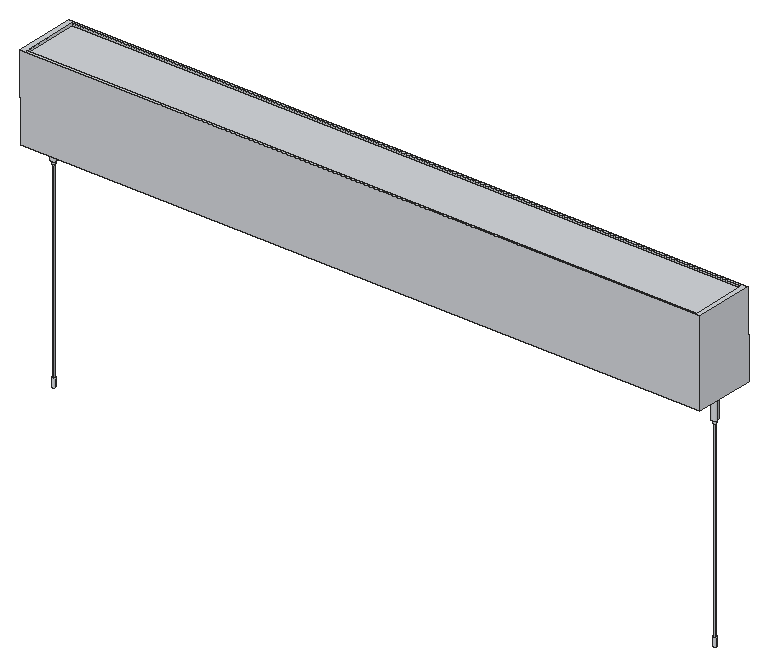
Revit family "3L-P-D", category Lighting Fixtures, host Face, Revit 2021
Family settings
  Host = Face
  Round Connector Dimension = Use Diameter
  Part Type = Normal
  OmniClass Number = 23.80.70.11.14.17
  OmniClass Title = Direct/Indirect
  Cut with Voids When Loaded = No
  Light Source = Yes
  Shared = No
  Room Calculation Point = No
Parameters (values of type "3L-P-D-4-SOF-X-CX-35K-D030")
  Watts = 2.9 W
  Wattage Comments = "Variable Intensity technology provides specifiable lumen output/wattage"  # constant formula
  Wattage = 2.9 W
  built-in parameter 1150110 = 1 (stored number, unit not read)
  Voltage = 120 V
  URL = "https://www.currentlighting.com/litecontrol"
  built-in parameter 1114217 = 1 (stored number, unit not read)
  Tilt Angle = -90.00°
  built-in parameter 1150109 = 1 (stored number, unit not read)
  built-in parameter 1150134 = (empty or 0)
  built-in parameter 1150113 = 1 (stored number, unit not read)
  Reflector Finish = White Glass
  Product Page URL = ""
  Product Material = Textured Camera Black
  Product Documentation Link = ""
  Power Factor = 1
  Photometric Web File = "3L-P-D-4-SOF-X-CX-35K-D030.IES"
  Pendent Height = 12"
  Model = "3L-P-D"  # constant formula
  Manufacturer = "Litecontrol"  # constant formula
  built-in parameter 1150105 = 23.539 (stored number, unit not read)
  Lumens = 295.8 lm
  built-in parameter 1150115 = 1 (stored number, unit not read)
  Load Classification = Lighting
  built-in parameter 1150137 = (empty or 0)
  built-in parameter 1150139 = (empty or 0)
  Length = 36"
  built-in parameter 1150112 = 1 (stored number, unit not read)
  built-in parameter 1150114 = 1 (stored number, unit not read)
  Lamp = "LED"  # constant formula
  built-in parameter 1150132 = (empty or 0)
  built-in parameter 1150102 = (empty or 0)
  built-in parameter 1150107 = 3500 (stored number, unit not read)
  built-in parameter 1150138 = (empty or 0)
  built-in parameter 1150106 = 0.23539 (stored number, unit not read)
  Finish Option = 3L-P : Matte White
  Emit from Rectangle Width = 3"  # constant formula
  Emit from Rectangle Length = Length - 1"  # 35"
  Emit Shape Visible in Rendering = no
  built-in parameter 1150104 = 9.4761 (stored number, unit not read)
  Downlight diffuser = "Soft Diffuse Lens"  # constant formula
  Fixture distribution = "Direct"  # constant formula
  Dimming Lamp Color Temperature Shift = <None>
  Description = "MOD 3 LED Pendant Direct"  # constant formula
  Default Elevation = 48"
  Connector Description = "Lighting Connector"  # constant formula
  Color Filter = 16777215
  built-in parameter 1114218 = 1 (stored number, unit not read)
  built-in parameter 1150133 = 10 (stored number, unit not read)
  Apparent Load = Watts / Power Factor  # 2.9 VA
Types (6): name | Watts | Wattage | Product Material | Photometric Web File | built-in parameter 1150105 | Lumens | built-in parameter 1150106 | Finish Option | built-in parameter 1150104 | Apparent Load
  (no name) | 2.9 W | 2.9 W | Textured Camera Black | "3L-P-D-4-SOF-X-CX-35K-D030.IES" | 23.539 (stored number, unit not read) | 295.8 lm | 0.23539 (stored number, unit not read) | 3L-P : Matte White | 9.4761 (stored number, unit not read) | 2.9 VA
  3L-P-D-4-SOF-X-CX-35K-D120 | 12 W | 12 W | Paint -Textured Camera Black | "3L-P-D-4-SOF-X-CX-35K-D120.IES" | 90.718 (stored number, unit not read) | 1140 lm | 0.90718 (stored number, unit not read) | 3L-P : Light Silver | 8.8258 (stored number, unit not read) | 12 VA
  3L-P-D-4-SOF-X-CX-35K-D100 | 10.3 W | 10.3 W | Paint -Textured Camera Black | "3L-P-D-4-SOF-X-CX-35K-D100.IES" | 79.506 (stored number, unit not read) | 999.1 lm | 0.79506 (stored number, unit not read) | 3L-P : Light Silver | 9.0116 (stored number, unit not read) | 10.3 VA
  3L-P-D-4-SOF-X-CX-35K-D090 | 9.2 W | 9.2 W | Paint -Textured Camera Black | "3L-P-D-4-SOF-X-CX-35K-D090.IES" | 71.747 (stored number, unit not read) | 901.6 lm | 0.71747 (stored number, unit not read) | 3L-P : Light Silver | 9.1045 (stored number, unit not read) | 9.2 VA
  3L-P-D-4-SOF-X-CX-35K-D030 | 2.9 W | 2.9 W | Textured Camera Black | "3L-P-D-4-SOF-X-CX-35K-D030.IES" | 23.539 (stored number, unit not read) | 295.8 lm | 0.23539 (stored number, unit not read) | 3L-P : Matte White | 9.4761 (stored number, unit not read) | 2.9 VA
  3L-P-D-4-SOF-X-CX-35K-D060 | 5.9 W | 5.9 W | Paint -Textured Camera Black | "3L-P-D-4-SOF-X-CX-35K-D060.IES" | 47.42 (stored number, unit not read) | 595.9 lm | 0.4742 (stored number, unit not read) | 3L-P : Light Silver | 9.3832 (stored number, unit not read) | 5.9 VA
Reference planes (in)
  plane 1 "Center (Front/Back)": y = 0
  plane 2: z = 0
  plane 3 "Center (Left/Right)": x = 0
  plane 4: z = 12
  plane 5: z = 15.5
Forms (in)
  Extrusion 1, void
    sketch origin (0, 0, 0) x (1, 0, 0) y (0, 1, 0)
      loop
        circle (0, 0) r 3.125
    from -1.25 to 0
Dimensions and locks (in)
  "Pendent Height": plane 4 to plane 2
  locked: plane 5 to plane 4 at 3.5
  radius of Extrusion 1 sketch curve = 3 1/8"
  aligned and locked: plane 2 to host face
  aligned and locked: level to host face
  aligned and locked: level to Extrusion 1
  aligned and locked: plane 1 "Center (Front/Back)" to nested 1
  aligned and locked: plane 3 "Center (Left/Right)" to nested 1
  aligned and locked: plane 3 "Center (Left/Right)" to imposter light
  aligned and locked: plane 5 to imposter light
Automatic sketch dimensions
  host sketch curve to host sketch curve = 96"  (x2)
  plane 1 "Center (Front/Back)" to Extrusion 1 sketch curve = 0"
  Extrusion 1 sketch curve to plane 3 "Center (Left/Right)" = 0"
Nested families (in)
  nested 1: "3L-P" at (0, 0, 0), type <- "Finish Option", Pendent Height <- "Pendent Height", Length <- "Length", type "Matte White"
    with Pendent Height 12", Length 36"
Connectors (in)
  electrical at (0, 0, 12), driven by "Connector Description", driven by "Apparent Load", driven by "Voltage", driven by "Load Classification", driven by "Power Factor"
    settings: on nested 1, index 1, voltage 120 V, apparent load 2.9 VA, apparent load phase1 0 VA, apparent load phase2 0 VA, apparent load phase3 0 VA, power factor 1, load classification "Lighting", number of poles 1, system type 30, power factor state 1, is connector primary yes, connector utility no, sub classification motor no, connector description "Lighting Connector"
Definition of nested family "3L-P"
  Parameters
    Width = 3.18"  # constant formula
    Wattage Comments = ""
    URL = ""
    Reflector Finish = none
    Pendent Height [instance] = 12"
    Pendant Material = none
    Model = ""
    Manufacturer = ""
    Load Classification = none
    Length [instance] = 48"
    Lamp = ""
    Height = 4 1/2"  # constant formula
    Description = ""
    Default Elevation = 48"
    Apparent Load = 0 VA  # constant formula
  Reference planes (in)
    plane 1 "Center (Front/Back)": y = 0
    plane 2: z = 0
    plane 3 "Center (Left/Right)": x = 0
    plane 4: x = -24
    plane 5: x = 24
    plane 6: x = -23.75
    plane 7: x = 23.75
    plane 8: y = -1.59
    plane 9: y = 1.59
    plane 10: z = 12
    plane 11: z = 16.25
    plane 12: x = 23.5
    plane 13: x = -23.5
    plane 14: z = 16.375
    plane 15: z = 16.25
    plane 16: z = 16.5
  Forms (in)
    Extrusion 1, solid
      sketch origin (0, 0, 0) x (1, 0, 0) y (0, 1, 0)
        loop
          line (-48, 48) -> (-48, -48) -> (48, -48) -> (48, 48) -> (-48, 48)
      from 0 to -1.25
    Extrusion 2, solid, material <- "Pendant Material"
      sketch origin (0, 0, 0) x (0, 1, 0) y (0, 0, -1)
        loop
          line (1.59, -12) -> (-1.59, -12) -> (-1.59, -16.5) -> (1.59, -16.5) -> (1.59, -12)
      from -24 to -23.75
    Extrusion 3, solid, material <- "Pendant Material"
      sketch origin (-47.9375, 0, 0) x (0, 1, 0) y (0, 0, -1)
        loop
          line (1.59, -12) -> (-1.59, -12) -> (-1.59, -16.5) -> (1.59, -16.5) -> (1.59, -12)
      from -24.1875 to -23.9375
    Sweep 4, solid, material <- "Pendant Material"
      path origin (0, 0, 0) x (1, 0, 0) y (0, 1, 0)
        loop
          line (-23.75, 0) -> (23.75, 0)
      profile origin (0, 0, 0) x (0, 1, 0) y (0, 0, 1)
        loop
          line (1.5, 16.5) -> (1.5, 12.13598) -> (-1.5, 12.13598) -> (-1.5, 16.5) -> (-1.59, 16.5) -> (-1.59, 12) -> (1.59, 12) -> (1.59, 16.5) -> (1.5, 16.5)
    Revolve 5, solid, material <- "Pendant Material"
      sketch origin (0, 0, 0) x (1, 0, 0) y (0, 0, 1)
        loop
          line (-23.5, 12) -> (-23.5, 0) -> (-23.40361, 0) -> (-23.40361, 0.42177) -> (-23.47196, 0.42177) -> (-23.47196, 10.57698) -> (-23.41672, 10.57698) -> (-23.41672, 10.7519) -> (-23.34307, 10.7519) -> (-23.34307, 12) -> (-23.5, 12)
        axis (-23.5, 12) -> (-23.5, 0)
      angle from 0 to 360
    Revolve 6, solid, material <- "Pendant Material"
      sketch origin (0, 0, 0) x (-1, 0, 0) y (0, 0, -1)
        loop
          line (-23.5, -12) -> (-23.34307, -12) -> (-23.34307, -10.7519) -> (-23.41672, -10.7519) -> (-23.41672, -10.57698) -> (-23.47196, -10.57698) -> (-23.47196, -0.42177) -> (-23.40361, -0.42177) -> (-23.40361, 0) -> (-23.5, 0) -> (-23.5, -12)
        axis (-23.5, -12) -> (-23.5, 0)
      angle from 0 to 360
    Extrusion 7, solid, material <- "Reflector Finish"
      sketch origin (0, 0, 0) x (1, 0, 0) y (0, 1, 0)
        loop
          line (-23.75, 1.5) -> (-23.75, -1.49898) -> (23.75, -1.49898) -> (23.75, 1.5) -> (-23.75, 1.5)
      from 16.375 to 16.25
  Cuts and joins
    joined: Extrusion 2, Extrusion 3, Sweep 4
  Dimensions and locks (in)
    equal spacing: plane 4, plane 3 "Center (Left/Right)", plane 5
    "Length": plane 4 to plane 5
    locked: plane 4 to plane 6 at 0.25
    locked: plane 7 to plane 5 at 0.25
    equal spacing: plane 8, plane 1 "Center (Front/Back)", plane 9
    "Width": plane 9 to plane 8
    "Pendent Height": plane 10 to plane 2
    locked: plane 4 to plane 13 at 0.5
    locked: plane 12 to plane 5 at 0.5
    locked: plane 14 to plane 15 at 0.125
    "Height": plane 16 to plane 10
    locked: plane 16 to plane 14 at 0.125
    locked: plane 14 to plane 11 at 0.125
    locked: Sweep 4 sketch curve to Sweep 4 sketch curve at 0.09  (x2)
    aligned and locked: plane 2 to Extrusion 1
    aligned and locked: level to Extrusion 1
    aligned and locked: plane 5 to Extrusion 2
    aligned and locked: Extrusion 2 to plane 7
    aligned and locked: plane 1 "Center (Front/Back)" to Sweep 4 sketch curve
    aligned and locked: plane 6 to Sweep 4 sketch curve
    aligned and locked: plane 7 to Sweep 4 sketch curve
    aligned and locked: Extrusion 3 sketch curve to plane 10
    aligned and locked: Extrusion 3 sketch curve to plane 8
    aligned and locked: Extrusion 3 sketch curve to plane 9
    aligned and locked: Extrusion 2 sketch curve to plane 10
    aligned and locked: Extrusion 2 sketch curve to plane 9
    aligned and locked: Extrusion 2 sketch curve to plane 8
    aligned and locked: Extrusion 3 to plane 4
    aligned and locked: Extrusion 3 to Sweep 4
    aligned and locked: Sweep 4 to Extrusion 2
    aligned and locked: plane 6 to Extrusion 3
    aligned and locked: Extrusion 7 sketch curve to cut or joined group of Extrusion 2, Extrusion 3, Sweep 4  (x2)
    aligned and locked: cut or joined group of Extrusion 2, Extrusion 3, Sweep 4 to Extrusion 7 sketch curve
    aligned and locked: plane 9 to Sweep 4 sketch curve
    aligned and locked: Sweep 4 sketch curve to plane 8
    aligned and locked: plane 15 to Extrusion 7
    aligned and locked: plane 14 to Extrusion 7
  Automatic sketch dimensions
    Extrusion 1 sketch curve to Extrusion 1 sketch curve = 96"  (x2)
    Revolve 5 sketch curve to level = 0"
    Revolve 5 sketch curve to plane 13 = 0"  (x2)
    Revolve 5 sketch curve to plane 10 = 0"
    plane 13 to Revolve 5 sketch curve = 0.09639"
    level to Revolve 5 sketch curve = 0.42177"
    plane 13 to Revolve 5 sketch curve = 0.02804"
    Revolve 5 sketch curve to Revolve 5 sketch curve = 0.05524"
    Revolve 5 sketch curve to Revolve 5 sketch curve = 0.07365"
    Revolve 5 sketch curve to plane 10 = 1.42302"
    Revolve 5 sketch curve to Revolve 5 sketch curve = 0.17493"
    Revolve 5 sketch curve to Revolve 5 sketch curve = 9.16755"
    Revolve 6 sketch curve to level = 0"
    plane 12 to Revolve 6 sketch curve = 0"
    Revolve 6 sketch curve to plane 10 = 0"
    plane 12 to Revolve 6 sketch curve = 0.15693"
    Revolve 6 sketch curve to plane 10 = 1.2481"
    Revolve 6 sketch curve to plane 12 = 0"
    plane 12 to Revolve 6 sketch curve = 0.02804"
    Revolve 6 sketch curve to Revolve 6 sketch curve = 0.05524"
    Revolve 6 sketch curve to Revolve 6 sketch curve = 0.09639"
    Revolve 6 sketch curve to Revolve 6 sketch curve = 0.17493"
    level to Revolve 6 sketch curve = 0.42177"
    Revolve 6 sketch curve to Revolve 6 sketch curve = 9.16755"
    plane 14 to Extrusion 2 sketch curve = 1/8"
    plane 14 to Extrusion 3 sketch curve = 1/8"
    plane 14 to Revolve 5 sketch curve = 85.65997"
    plane 14 to Revolve 6 sketch curve = 85.65997"
    level to Sweep 4 sketch curve = 12"
    Sweep 4 sketch curve to Sweep 4 sketch curve = 0.13598"
    Sweep 4 sketch curve to Sweep 4 sketch curve = 4.36402"
    Sweep 4 sketch curve to Sweep 4 sketch curve = 0"
    plane 8 to Extrusion 7 sketch curve = 0.09102"
